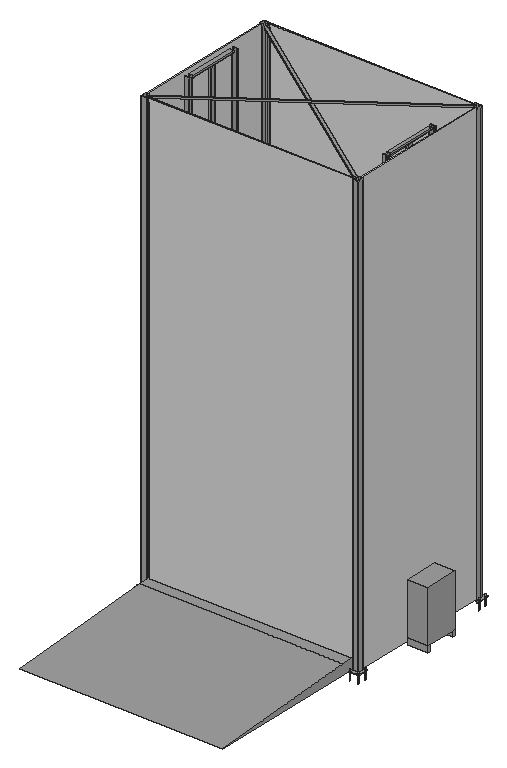
Revit family "1SE_Trez_TC_2C_T_1500_With_Ramp", category Specialty Equipment, Revit 2019
Family settings
  Round Connector Dimension = Use Diameter
  Part Type = Normal
  Work Plane-Based = No
  Always vertical = Yes
  Cut with Voids When Loaded = Yes
  Shared = No
  Room Calculation Point = No
Parameters (values of type "Platform-2900x2480mm with Door Height 2500mm")
  Safe Working Load = 1500.00 kg  # constant formula
  Safe Space = if(Cabin or Platform = Cabin, 900.0 mm, if(and(Cabin or Platform = Platform, Door Clear Height > 1900.0 mm), 600.0 mm, 0.0 mm))  # 600.0 mm
  Ramp Width = Tower Width - 250.0 mm  # 3500.0 mm
  Ramp Material = TREZ_Steel_Platform
  Platform = Speciality_Equipment_Trez_Platform : Platform
  Door Clear Width = Clear Width  # 2900.0 mm
  Door Clear Height = 2500.0 mm
  Clear Width = 2900.0 mm
  URL = "https://trez.bg/en/products/goods-only-lift-tc/tc-2ct-two-cylinders-and-tower/"
  Tower Width = Real Width + 2 * Clearance  # 3750.0 mm
  Tower Depth = Real Depth + 180.0 mm  # 2660.0 mm
  Tower Cladding Material = TREZ_Steel_Cladding
  Real Width = if(Clear Width < 1300.0 mm, 1300.0 mm, if(Clear Width > 2900.0 mm, 2900.0 mm, Clear Width))  # 2900.0 mm
  Real Depth = if(Clear Depth < 1300.0 mm, 1300.0 mm, if(Clear Depth > 2480.0 mm, 2480.0 mm, Clear Depth))  # 2480.0 mm
  Profiles Material = TREZ_Steel_Profiles
  Platform Material = TREZ_Steel_Platform
  Ramp Height = 180.0 mm  # constant formula
  Travel = 4500.0 mm
  Rail Height = Travel + Headroom  # 7600.0 mm
  Model = "TC 2C T 1500"
  Manufacturer = "TREZ Ltd."
  Headroom = Door Clear Height + Safe Space  # 3100.0 mm
  Description = "Trez Compact 2 Cylinders Tower. Goods only lift."  # constant formula
  Clear Depth = 2480.0 mm
  Created By URL = "https://all1studio.com/"
  Created By = "All 1 Studio Ltd."
  Clearance = 425.0 mm  # constant formula
  Cabin or Platform Back = yes
  Cabin or Platform = Speciality_Equipment_Trez_Platform : Platform
  Cabin = Speciality_Equipment_Trez_Cabin : Cabin
Reference planes
  plane 1 "Center (Front/Back)": y = 0
  plane 2: z = 0
  plane 3 "Center (Left/Right)": x = 0
  plane 4: x = -1450
  plane 5: x = 1450
  plane 6: y = 1240
  plane 7: y = -1240
  plane 8: x = 1875
  plane 9: y = 1350
  plane 10: x = -1875
  plane 11: y = -1310
  plane 12: x = 1820
  plane 13: x = -1820
  plane 14: y = 1295
  plane 15: y = -1255
  plane 16: z = 4500
  plane 17 "Top of Lift": z = 7600
  plane 18: x = -1828.5
  plane 19: x = 1828.5
  plane 20: x = 2085
  plane 21: x = -1859.032
  plane 22: x = -1841.032
  plane 23: y = 1334
  plane 24: y = 1316
  plane 25: x = 1859
  plane 26: x = 1841
  plane 27: y = -1294
  plane 28: y = -1276
  plane 29: x = -1935
  plane 30: y = 1410
  plane 31: x = 1935
  plane 32: y = -1370
  plane 33: x = -1688.5
  plane 34: x = 1688.5
  plane 35: z = 7540
  plane 36: z = 40
  plane 37: z = -145
  plane 38 "Ramp": z = 180
Forms (mm)
  Extrusion 1, solid, material "TREZ_Steel_Cladding" <- "Tower Cladding Material", detail levels coarse+medium
    sketch origin (0, 0, 0) x (1, 0, 0) y (0, 1, 0)
      loop
        line (-1875, 1350) -> (-1875, 1245) -> (-1859.032, 1245) -> (-1859.032, -1205) -> (-1875, -1205) -> (-1875, -1310) -> (-1770, -1310) -> (-1770, -1294) -> (1770, -1294) -> (1770, -1310) -> (1875, -1310) -> (1875, -1205) -> (1859, -1205) -> (1859, 1245) -> (1875, 1245) -> (1875, 1350) -> (1770, 1350) -> (1770, 1334) -> (-1770, 1334) -> (-1770, 1350) -> (-1875, 1350)
      loop
        line (-1820, 1295) -> (-1820, 1245) -> (-1841.032, 1245) -> (-1841.032, -1205) -> (-1820, -1205) -> (-1820, -1255) -> (-1770, -1255) -> (-1770, -1276) -> (1770, -1276) -> (1770, -1255) -> (1820, -1255) -> (1820, -1205) -> (1841, -1205) -> (1841, 1245) -> (1820, 1245) -> (1820, 1295) -> (1770, 1295) -> (1770, 1316) -> (-1770, 1316) -> (-1770, 1295) -> (-1820, 1295)
    from 0 to 7600
  Extrusion 2, solid, material "TREZ_Steel_Profiles" <- "Profiles Material", detail levels fine
    sketch origin (0, 0, 0) x (1, 0, 0) y (0, 1, 0)
      loop
        line (-1875, 1343) -> (-1875, 1252)
        arc (-1875, 1252) -> (-1872.95, 1247.05) -> (-1868, 1245) r 7
        line (-1868, 1245) -> (-1827, 1245)
        arc (-1827, 1245) -> (-1822.05, 1247.05) -> (-1820, 1252) r 7
        line (-1820, 1252) -> (-1820, 1288)
        arc (-1820, 1288) -> (-1817.95, 1292.95) -> (-1813, 1295) r 7
        line (-1813, 1295) -> (-1777, 1295)
        arc (-1777, 1295) -> (-1772.05, 1297.05) -> (-1770, 1302) r 7
        line (-1770, 1302) -> (-1770, 1343)
        arc (-1770, 1343) -> (-1772.05, 1347.95) -> (-1777, 1350) r 7
        line (-1777, 1350) -> (-1868, 1350)
        arc (-1868, 1350) -> (-1872.95, 1347.95) -> (-1875, 1343) r 7
      loop
        line (1868, 1350) -> (1777, 1350)
        arc (1777, 1350) -> (1772.05, 1347.95) -> (1770, 1343) r 7
        line (1770, 1343) -> (1770, 1302)
        arc (1770, 1302) -> (1772.05, 1297.05) -> (1777, 1295) r 7
        line (1777, 1295) -> (1813, 1295)
        arc (1813, 1295) -> (1817.95, 1292.95) -> (1820, 1288) r 7
        line (1820, 1288) -> (1820, 1252)
        arc (1820, 1252) -> (1822.05, 1247.05) -> (1827, 1245) r 7
        line (1827, 1245) -> (1868, 1245)
        arc (1868, 1245) -> (1872.95, 1247.05) -> (1875, 1252) r 7
        line (1875, 1252) -> (1875, 1343)
        arc (1875, 1343) -> (1872.95, 1347.95) -> (1868, 1350) r 7
      loop
        arc (-1875, -1303) -> (-1872.95, -1307.95) -> (-1868, -1310) r 7
        line (-1868, -1310) -> (-1777, -1310)
        arc (-1777, -1310) -> (-1772.05, -1307.95) -> (-1770, -1303) r 7
        line (-1770, -1303) -> (-1770, -1262)
        arc (-1770, -1262) -> (-1772.05, -1257.05) -> (-1777, -1255) r 7
        line (-1777, -1255) -> (-1813, -1255)
        arc (-1813, -1255) -> (-1817.95, -1252.95) -> (-1820, -1248) r 7
        line (-1820, -1248) -> (-1820, -1212)
        arc (-1820, -1212) -> (-1822.05, -1207.05) -> (-1827, -1205) r 7
        line (-1827, -1205) -> (-1868, -1205)
        arc (-1868, -1205) -> (-1872.95, -1207.05) -> (-1875, -1212) r 7
        line (-1875, -1212) -> (-1875, -1303)
      loop
        arc (1868, -1310) -> (1872.95, -1307.95) -> (1875, -1303) r 7
        line (1875, -1303) -> (1875, -1212)
        arc (1875, -1212) -> (1872.95, -1207.05) -> (1868, -1205) r 7
        line (1868, -1205) -> (1827, -1205)
        arc (1827, -1205) -> (1822.05, -1207.05) -> (1820, -1212) r 7
        line (1820, -1212) -> (1820, -1248)
        arc (1820, -1248) -> (1817.95, -1252.95) -> (1813, -1255) r 7
        line (1813, -1255) -> (1777, -1255)
        arc (1777, -1255) -> (1772.05, -1257.05) -> (1770, -1262) r 7
        line (1770, -1262) -> (1770, -1303)
        arc (1770, -1303) -> (1772.05, -1307.95) -> (1777, -1310) r 7
        line (1777, -1310) -> (1868, -1310)
      loop
        arc (-1773, 1343) -> (-1774.172, 1345.828) -> (-1777, 1347) r 4
        line (-1777, 1347) -> (-1868, 1347)
        arc (-1868, 1347) -> (-1870.828, 1345.828) -> (-1872, 1343) r 4
        line (-1872, 1343) -> (-1872, 1252)
        arc (-1872, 1252) -> (-1870.828, 1249.172) -> (-1868, 1248) r 4
        line (-1868, 1248) -> (-1827, 1248)
        arc (-1827, 1248) -> (-1824.172, 1249.172) -> (-1823, 1252) r 4
        line (-1823, 1252) -> (-1823, 1288)
        arc (-1823, 1288) -> (-1820.071, 1295.071) -> (-1813, 1298) r 10
        line (-1813, 1298) -> (-1777, 1298)
        arc (-1777, 1298) -> (-1774.172, 1299.172) -> (-1773, 1302) r 4
        line (-1773, 1302) -> (-1773, 1343)
      loop
        line (-1773, -1303) -> (-1773, -1262)
        arc (-1773, -1262) -> (-1774.172, -1259.172) -> (-1777, -1258) r 4
        line (-1777, -1258) -> (-1813, -1258)
        arc (-1813, -1258) -> (-1820.071, -1255.071) -> (-1823, -1248) r 10
        line (-1823, -1248) -> (-1823, -1212)
        arc (-1823, -1212) -> (-1824.172, -1209.172) -> (-1827, -1208) r 4
        line (-1827, -1208) -> (-1868, -1208)
        arc (-1868, -1208) -> (-1870.828, -1209.172) -> (-1872, -1212) r 4
        line (-1872, -1212) -> (-1872, -1303)
        arc (-1872, -1303) -> (-1870.828, -1305.828) -> (-1868, -1307) r 4
        line (-1868, -1307) -> (-1777, -1307)
        arc (-1777, -1307) -> (-1774.172, -1305.828) -> (-1773, -1303) r 4
      loop
        line (1872, -1303) -> (1872, -1212)
        arc (1872, -1212) -> (1870.828, -1209.172) -> (1868, -1208) r 4
        line (1868, -1208) -> (1827, -1208)
        arc (1827, -1208) -> (1824.172, -1209.172) -> (1823, -1212) r 4
        line (1823, -1212) -> (1823, -1248)
        arc (1823, -1248) -> (1820.071, -1255.071) -> (1813, -1258) r 10
        line (1813, -1258) -> (1777, -1258)
        arc (1777, -1258) -> (1774.172, -1259.172) -> (1773, -1262) r 4
        line (1773, -1262) -> (1773, -1303)
        arc (1773, -1303) -> (1774.172, -1305.828) -> (1777, -1307) r 4
        line (1777, -1307) -> (1868, -1307)
        arc (1868, -1307) -> (1870.828, -1305.828) -> (1872, -1303) r 4
      loop
        arc (1872, 1343) -> (1870.828, 1345.828) -> (1868, 1347) r 4
        line (1868, 1347) -> (1777, 1347)
        arc (1777, 1347) -> (1774.172, 1345.828) -> (1773, 1343) r 4
        line (1773, 1343) -> (1773, 1302)
        arc (1773, 1302) -> (1774.172, 1299.172) -> (1777, 1298) r 4
        line (1777, 1298) -> (1813, 1298)
        arc (1813, 1298) -> (1820.071, 1295.071) -> (1823, 1288) r 10
        line (1823, 1288) -> (1823, 1252)
        arc (1823, 1252) -> (1824.172, 1249.172) -> (1827, 1248) r 4
        line (1827, 1248) -> (1868, 1248)
        arc (1868, 1248) -> (1870.828, 1249.172) -> (1872, 1252) r 4
        line (1872, 1252) -> (1872, 1343)
    from 5 to 7600
  Extrusion 3, solid, material "TREZ_Steel_Cladding" <- "Tower Cladding Material", detail levels fine
    sketch origin (0, 0, 0) x (1, 0, 0) y (0, 1, 0)
      loop
        line (1859, 1245) -> (1841, 1245) -> (1841, -1205) -> (1859, -1205) -> (1859, 1245)
      loop
        line (1770, 1334) -> (-1770, 1334) -> (-1770, 1316) -> (1770, 1316) -> (1770, 1334)
      loop
        line (1770, -1276) -> (-1770, -1276) -> (-1770, -1294) -> (1770, -1294) -> (1770, -1276)
      loop
        line (-1841.032, -1205) -> (-1841.032, 1245) -> (-1859.032, 1245) -> (-1859.032, -1205) -> (-1841.032, -1205)
    from 0 to 7600
  Extrusion 4, solid, material "TREZ_Steel_Profiles" <- "Profiles Material", detail levels fine
    sketch origin (0, 0, 0) x (1, 0, 0) y (0, 1, 0)
      loop
        arc (1757, 1410) -> (1752.05, 1407.95) -> (1750, 1403) r 7
        line (1750, 1403) -> (1750, 1350) -> (1770, 1350) -> (1770, 1295) -> (1820, 1295) -> (1820, 1245) -> (1875, 1245) -> (1875, 1225) -> (1928, 1225)
        arc (1928, 1225) -> (1932.95, 1227.05) -> (1935, 1232) r 7
        line (1935, 1232) -> (1935, 1403)
        arc (1935, 1403) -> (1932.95, 1407.95) -> (1928, 1410) r 7
        line (1928, 1410) -> (1757, 1410)
      loop
        line (-1757, 1410) -> (-1928, 1410)
        arc (-1928, 1410) -> (-1932.95, 1407.95) -> (-1935, 1403) r 7
        line (-1935, 1403) -> (-1935, 1232)
        arc (-1935, 1232) -> (-1932.95, 1227.05) -> (-1928, 1225) r 7
        line (-1928, 1225) -> (-1875, 1225) -> (-1875, 1245) -> (-1820, 1245) -> (-1820, 1295) -> (-1770, 1295) -> (-1770, 1350) -> (-1750, 1350) -> (-1750, 1403)
        arc (-1750, 1403) -> (-1752.05, 1407.95) -> (-1757, 1410) r 7
      loop
        line (1757, -1370) -> (1928, -1370)
        arc (1928, -1370) -> (1932.95, -1367.95) -> (1935, -1363) r 7
        line (1935, -1363) -> (1935, -1192)
        arc (1935, -1192) -> (1932.95, -1187.05) -> (1928, -1185) r 7
        line (1928, -1185) -> (1875, -1185) -> (1875, -1205) -> (1820, -1205) -> (1820, -1255) -> (1770, -1255) -> (1770, -1310) -> (1750, -1310) -> (1750, -1363)
        arc (1750, -1363) -> (1752.05, -1367.95) -> (1757, -1370) r 7
      loop
        arc (-1757, -1370) -> (-1752.05, -1367.95) -> (-1750, -1363) r 7
        line (-1750, -1363) -> (-1750, -1310) -> (-1770, -1310) -> (-1770, -1255) -> (-1820, -1255) -> (-1820, -1205) -> (-1875, -1205) -> (-1875, -1185) -> (-1928, -1185)
        arc (-1928, -1185) -> (-1932.95, -1187.05) -> (-1935, -1192) r 7
        line (-1935, -1192) -> (-1935, -1363)
        arc (-1935, -1363) -> (-1932.95, -1367.95) -> (-1928, -1370) r 7
        line (-1928, -1370) -> (-1757, -1370)
    from 5 to 0
  Sweep 5, solid, material "TREZ_Steel_Profiles" <- "Profiles Material", detail levels fine
    path origin (0, 0, 7600) x (-1, 0, 0) y (0, -1, 0)
      loop
        line (1820, 1255) -> (-1820, -1295)
    profile origin (0, 20, 7600) x (-0.573764, 0.81902, 0) y (0, 0, 1)
      loop
        line (15, 0) -> (-15, 0) -> (-15, -30) -> (15, -30) -> (15, 0)
  Sweep 6, solid, material "TREZ_Steel_Profiles" <- "Profiles Material", detail levels fine
    path origin (0, 0, 7600) x (-1, 0, 0) y (0, -1, 0)
      loop
        line (1820, -1295) -> (-1820, 1255)
    profile origin (0, 20, 7600) x (0.573764, 0.81902, 0) y (0, 0, 1)
      loop
        line (-15, -60) -> (15, -60) -> (15, -30) -> (-15, -30) -> (-15, -60)
  Extrusion 7, void
    sketch origin (0, 0, 7600) x (-1, 0, 0) y (0, -1, 0)
      loop
        arc (1827, -1245) -> (1822.05, -1247.05) -> (1820, -1252) r 7
        line (1820, -1252) -> (1820, -1288)
        arc (1820, -1288) -> (1817.95, -1292.95) -> (1813, -1295) r 7
        line (1813, -1295) -> (1777, -1295)
        arc (1777, -1295) -> (1772.05, -1297.05) -> (1770, -1302) r 7
        line (1770, -1302) -> (1770, -1343)
        arc (1770, -1343) -> (1772.05, -1347.95) -> (1777, -1350) r 7
        line (1777, -1350) -> (1868, -1350)
        arc (1868, -1350) -> (1872.95, -1347.95) -> (1875, -1343) r 7
        line (1875, -1343) -> (1875, -1252)
        arc (1875, -1252) -> (1872.95, -1247.05) -> (1868, -1245) r 7
        line (1868, -1245) -> (1827, -1245)
      loop
        arc (-1770, -1302) -> (-1772.05, -1297.05) -> (-1777, -1295) r 7
        line (-1777, -1295) -> (-1813, -1295)
        arc (-1813, -1295) -> (-1817.95, -1292.95) -> (-1820, -1288) r 7
        line (-1820, -1288) -> (-1820, -1252)
        arc (-1820, -1252) -> (-1822.05, -1247.05) -> (-1827, -1245) r 7
        line (-1827, -1245) -> (-1868, -1245)
        arc (-1868, -1245) -> (-1872.95, -1247.05) -> (-1875, -1252) r 7
        line (-1875, -1252) -> (-1875, -1343)
        arc (-1875, -1343) -> (-1872.95, -1347.95) -> (-1868, -1350) r 7
        line (-1868, -1350) -> (-1777, -1350)
        arc (-1777, -1350) -> (-1772.05, -1347.95) -> (-1770, -1343) r 7
        line (-1770, -1343) -> (-1770, -1302)
      loop
        arc (-1827, 1205) -> (-1822.05, 1207.05) -> (-1820, 1212) r 7
        line (-1820, 1212) -> (-1820, 1248)
        arc (-1820, 1248) -> (-1817.95, 1252.95) -> (-1813, 1255) r 7
        line (-1813, 1255) -> (-1777, 1255)
        arc (-1777, 1255) -> (-1772.05, 1257.05) -> (-1770, 1262) r 7
        line (-1770, 1262) -> (-1770, 1303)
        arc (-1770, 1303) -> (-1772.05, 1307.95) -> (-1777, 1310) r 7
        line (-1777, 1310) -> (-1868, 1310)
        arc (-1868, 1310) -> (-1872.95, 1307.95) -> (-1875, 1303) r 7
        line (-1875, 1303) -> (-1875, 1212)
        arc (-1875, 1212) -> (-1872.95, 1207.05) -> (-1868, 1205) r 7
        line (-1868, 1205) -> (-1827, 1205)
      loop
        arc (1820, 1212) -> (1822.05, 1207.05) -> (1827, 1205) r 7
        line (1827, 1205) -> (1868, 1205)
        arc (1868, 1205) -> (1872.95, 1207.05) -> (1875, 1212) r 7
        line (1875, 1212) -> (1875, 1303)
        arc (1875, 1303) -> (1872.95, 1307.95) -> (1868, 1310) r 7
        line (1868, 1310) -> (1777, 1310)
        arc (1777, 1310) -> (1772.05, 1307.95) -> (1770, 1303) r 7
        line (1770, 1303) -> (1770, 1262)
        arc (1770, 1262) -> (1772.05, 1257.05) -> (1777, 1255) r 7
        line (1777, 1255) -> (1813, 1255)
        arc (1813, 1255) -> (1817.95, 1252.95) -> (1820, 1248) r 7
        line (1820, 1248) -> (1820, 1212)
    from -60 to 0
  Extrusion 8, solid, material "TREZ_Steel_Profiles" <- "Profiles Material", detail levels fine
    sketch origin (0, 0, 0) x (1, 0, 0) y (0, 1, 0)
      loop
        circle (-1910.697, 1394.303) r 6
      loop
        circle (-1765.697, 1394.303) r 6
      loop
        circle (-1910.697, 1249.303) r 6
      loop
        circle (1910.697, 1394.303) r 6
      loop
        circle (1765.697, 1394.303) r 6
      loop
        circle (1910.697, 1249.303) r 6
      loop
        circle (-1910.697, -1354.303) r 6
      loop
        circle (-1765.697, -1354.303) r 6
      loop
        circle (-1910.697, -1209.303) r 6
      loop
        circle (1910.697, -1354.303) r 6
      loop
        circle (1765.697, -1354.303) r 6
      loop
        circle (1910.697, -1209.303) r 6
    from -145 to 40
Cuts and joins
  Extrusion 7 cuts Sweep 5
  Extrusion 7 cuts Sweep 6
  joined: Extrusion 4, Extrusion 8
Lines and regions (mm)
  symbolic lines, style "Profiles"
    curve 1: line (-1875, 1350, 0) -> (-1770, 1350, 0)
    curve 2: line (-1770, 1350, 0) -> (-1770, 1295, 0)
    curve 3: line (-1770, 1295, 0) -> (-1820, 1295, 0)
    curve 4: line (-1820, 1295, 0) -> (-1820, 1245, 0)
    curve 5: line (-1820, 1245, 0) -> (-1875, 1245, 0)
    curve 6: line (-1875, 1245, 0) -> (-1875, 1350, 0)
    curve 7: line (1770, 1350, 0) -> (1875, 1350, 0)
    curve 8: line (1875, 1350, 0) -> (1875, 1245, 0)
    curve 9: line (1875, 1245, 0) -> (1820, 1245, 0)
    curve 10: line (1820, 1245, 0) -> (1820, 1295, 0)
    curve 11: line (1820, 1295, 0) -> (1770, 1295, 0)
    curve 12: line (1770, 1295, 0) -> (1770, 1350, 0)
    curve 13: line (-1875, -1205, 0) -> (-1820, -1205, 0)
    curve 14: line (-1820, -1205, 0) -> (-1820, -1255, 0)
    curve 15: line (-1820, -1255, 0) -> (-1770, -1255, 0)
    curve 16: line (-1770, -1255, 0) -> (-1770, -1310, 0)
    curve 17: line (-1770, -1310, 0) -> (-1875, -1310, 0)
    curve 18: line (-1875, -1310, 0) -> (-1875, -1205, 0)
    curve 19: line (1770, -1255, 0) -> (1820, -1255, 0)
    curve 20: line (1820, -1255, 0) -> (1820, -1205, 0)
    curve 21: line (1820, -1205, 0) -> (1875, -1205, 0)
    curve 22: line (1875, -1205, 0) -> (1875, -1310, 0)
    curve 23: line (1875, -1310, 0) -> (1770, -1310, 0)
    curve 24: line (1770, -1255, 0) -> (1770, -1310, 0)
    curve 25: line (1859, 1245, 0) -> (1841, 1245, 0)
    curve 26: line (1859, -1205, 0) -> (1859, 1245, 0)
    curve 27: line (1841, -1205, 0) -> (1859, -1205, 0)
    curve 28: line (1841, 1245, 0) -> (1841, -1205, 0)
    curve 29: line (1770, -1276, 0) -> (-1770, -1276, 0)
    curve 30: line (1770, -1294, 0) -> (1770, -1276, 0)
    curve 31: line (-1770, -1294, 0) -> (1770, -1294, 0)
    curve 32: line (-1770, -1276, 0) -> (-1770, -1294, 0)
    curve 33: line (-1841.032, -1205, 0) -> (-1859.032, -1205, 0)
    curve 34: line (-1841.032, 1245, 0) -> (-1841.032, -1205, 0)
    curve 35: line (-1859.032, 1245, 0) -> (-1841.032, 1245, 0)
    curve 36: line (-1859.032, -1205, 0) -> (-1859.032, 1245, 0)
    curve 37: line (-1770, 1316, 0) -> (1770, 1316, 0)
    curve 38: line (-1770, 1334, 0) -> (-1770, 1316, 0)
    curve 39: line (1770, 1334, 0) -> (-1770, 1334, 0)
    curve 40: line (1770, 1316, 0) -> (1770, 1334, 0)
  symbolic lines, style "Platform"
    curve 41: line (-1450, 1240, 0) -> (1450, 1240, 0)
    curve 42: line (-1450, -1240, 0) -> (-1450, 1240, 0)
    curve 43: line (1450, -1240, 0) -> (-1450, -1240, 0)
    curve 44: line (1450, 1240, 0) -> (1450, -1240, 0)
    curve 45: line (-1450, 1240, 0) -> (1450, -1240, 0)
    curve 46: line (1450, 1240, 0) -> (-1450, -1240, 0)
  model lines, style "Profiles", detail levels coarse+medium
    curve 47: line (-1820, 1295, 7600) -> (1820, -1255, 7600)
    curve 48: line (1820, 1295, 7600) -> (-1820, -1255, 7600)
Dimensions and locks
  equal spacing: plane 4, plane 3 "Center (Left/Right)", plane 5
  "Real Width": plane 4 to plane 5
  equal spacing: plane 7, plane 1 "Center (Front/Back)", plane 6
  "Real Depth": plane 7 to plane 6
  locked: plane 6 to plane 9 at 110
  locked: plane 7 to plane 11 at 70
  locked: plane 12 to plane 8 at 55
  locked: plane 10 to plane 13 at 55
  locked: plane 14 to plane 9 at 55
  locked: plane 15 to plane 11 at 55
  "Travel": plane 16 to level
  "Clearance": plane 5 to plane 8
  "Clearance": plane 10 to plane 4
  locked: plane 8 to plane 20 at 210
  locked: plane 10 to plane 18 at 46.5
  locked: plane 19 to plane 8 at 46.5
  plane 10 to plane 21 to plane 22 = 15.968 mm locked, 18.0 mm locked
  plane 24 to plane 23 to plane 9 = 18.0 mm locked, 16.0 mm locked
  plane 26 to plane 25 to plane 8 = 18.0 mm locked, 16.0 mm locked
  plane 28 to plane 27 to plane 11 = 18.0 mm locked, 16.0 mm locked
  locked: plane 29 to plane 10 at 60
  locked: plane 9 to plane 30 at 60
  locked: plane 8 to plane 31 at 60
  locked: plane 11 to plane 32 at 60
  locked: plane 10 to plane 33 at 186.5
  locked: plane 34 to plane 8 at 186.5
  "Headroom": plane 17 "Top of Lift" to plane 16
  locked: plane 17 "Top of Lift" to plane 35 at 60
  locked: plane 36 to level at 40
  locked: level to plane 37 at 145
  "Ramp Height": plane 38 "Ramp" to level
  aligned and locked: level to plane 2
  aligned and locked: plane 9 to Extrusion 1 sketch curve
  aligned and locked: plane 10 to Extrusion 1 sketch curve
  aligned and locked: plane 11 to Extrusion 1 sketch curve
  aligned and locked: plane 8 to Extrusion 1 sketch curve
  aligned and locked: plane 14 to Extrusion 1 sketch curve
  aligned and locked: plane 13 to Extrusion 1 sketch curve
  aligned and locked: plane 15 to Extrusion 1 sketch curve
  aligned and locked: plane 12 to Extrusion 1 sketch curve
  aligned and locked: plane 17 "Top of Lift" to Extrusion 1
  aligned and locked: plane 1 "Center (Front/Back)" to nested 1
  aligned and locked: plane 3 "Center (Left/Right)" to nested 1
  aligned and locked: nested 2 to plane 20
  aligned and locked: Extrusion 2 sketch curve to plane 10
  aligned and locked: Extrusion 2 sketch curve to plane 9  (x2)
  aligned and locked: Extrusion 2 sketch curve to plane 13
  aligned and locked: Extrusion 2 sketch curve to plane 14  (x2)
  aligned and locked: plane 8 to Extrusion 2 sketch curve
  aligned and locked: plane 17 "Top of Lift" to Extrusion 2
  aligned and locked: Extrusion 3 sketch curve to Extrusion 2  (x6)
  aligned and locked: Extrusion 3 sketch curve to plane 25
  aligned and locked: plane 26 to Extrusion 3 sketch curve
  aligned and locked: Extrusion 3 sketch curve to plane 23
  aligned and locked: plane 24 to Extrusion 3 sketch curve
  aligned and locked: plane 28 to Extrusion 3 sketch curve
  aligned and locked: Extrusion 3 sketch curve to plane 27
  aligned and locked: Extrusion 2 to Extrusion 3 sketch curve  (x2)
  aligned and locked: Extrusion 3 sketch curve to plane 22
  aligned and locked: plane 21 to Extrusion 3 sketch curve
  aligned and locked: plane 17 "Top of Lift" to Extrusion 3
  aligned and locked: plane 33 to nested 3
  aligned and locked: nested 4 to plane 34
  aligned and locked: plane 1 "Center (Front/Back)" to nested 3
  aligned and locked: nested 4 to plane 1 "Center (Front/Back)"
  aligned and locked: plane 14 to Sweep 5 sketch curve
  aligned and locked: plane 12 to Sweep 5 sketch curve
  aligned and locked: plane 13 to Sweep 5 sketch curve
  aligned and locked: plane 15 to Sweep 5 sketch curve
  aligned and locked: plane 12 to Sweep 6 sketch curve
  aligned and locked: plane 15 to Sweep 6 sketch curve
  aligned and locked: plane 14 to Sweep 6 sketch curve
  aligned and locked: plane 13 to Sweep 6 sketch curve
  aligned and locked: plane 35 to Extrusion 7
  aligned and locked: plane 17 "Top of Lift" to Extrusion 7
  aligned and locked: Extrusion 8 to plane 37
  aligned and locked: plane 36 to Extrusion 8
  aligned and locked: plane 16 to nested 1
  aligned and locked: level to nested 4
  aligned and locked: nested 3 to level
  aligned and locked: nested 5 to plane 3 "Center (Left/Right)"
  aligned and locked: plane 27 to nested 5
Automatic sketch dimensions
  Extrusion 1 sketch curve to plane 10 = 0.0 mm
  Extrusion 1 sketch curve to plane 21 = 0.0 mm
  Extrusion 1 sketch curve to plane 22 = 0.0 mm
  Extrusion 1 sketch curve to plane 13 = 0.0 mm
  Extrusion 1 sketch curve to plane 28 = 0.0 mm
  Extrusion 1 sketch curve to plane 15 = 0.0 mm
  Extrusion 1 sketch curve to plane 27 = 0.0 mm
  Extrusion 1 sketch curve to plane 11 = 0.0 mm
  plane 24 to Extrusion 1 sketch curve = 0.0 mm
  plane 23 to Extrusion 1 sketch curve = 0.0 mm
  plane 9 to Extrusion 1 sketch curve = 0.0 mm
  plane 14 to Extrusion 1 sketch curve = 0.0 mm
  Extrusion 1 sketch curve to plane 12 = 0.0 mm
  Extrusion 1 sketch curve to plane 26 = 0.0 mm
  Extrusion 1 sketch curve to plane 25 = 0.0 mm
  Extrusion 1 sketch curve to plane 8 = 0.0 mm
  plane 13 to Extrusion 1 sketch curve = 50.0 mm  (x2)
  Extrusion 1 sketch curve to Extrusion 1 sketch curve = 0.0 mm  (x5)
  plane 12 to Extrusion 1 sketch curve = 50.0 mm  (x2)
  plane 7 to Extrusion 1 sketch curve = 35.0 mm  (x3)
  Extrusion 1 sketch curve to plane 6 = 5.0 mm  (x4)
  Extrusion 2 sketch curve to Extrusion 2 sketch curve = 0.0 mm  (x48)
  Extrusion 2 sketch curve to plane 10 = 0.0 mm
  Extrusion 2 sketch curve to plane 11 = 0.0 mm  (x2)
  Extrusion 2 sketch curve to plane 13 = 0.0 mm
  Extrusion 2 sketch curve to plane 15 = 0.0 mm  (x2)
  Extrusion 2 sketch curve to plane 12 = 0.0 mm  (x2)
  Extrusion 2 sketch curve to plane 8 = 0.0 mm
  Extrusion 2 sketch curve to Extrusion 2 sketch curve = 3.0 mm  (x4)
  Extrusion 2 sketch curve to Extrusion 2 sketch curve = 4.0 mm  (x9)
  plane 10 to Extrusion 2 sketch curve = 7.0 mm
  plane 18 to Extrusion 2 sketch curve = 1.5 mm  (x2)
  plane 13 to Extrusion 2 sketch curve = 7.0 mm  (x2)
  Extrusion 2 sketch curve to plane 15 = 7.0 mm  (x2)
  Extrusion 2 sketch curve to Extrusion 2 sketch curve = 36.0 mm  (x2)
  Extrusion 2 sketch curve to plane 14 = 7.0 mm
  plane 9 to Extrusion 2 sketch curve = 7.0 mm
  plane 12 to Extrusion 2 sketch curve = 50.0 mm  (x2)
  Extrusion 2 sketch curve to Extrusion 2 sketch curve = 7.0 mm
  plane 12 to Extrusion 2 sketch curve = 7.0 mm
  plane 19 to Extrusion 2 sketch curve = 1.5 mm  (x2)
  plane 8 to Extrusion 2 sketch curve = 7.0 mm  (x2)
  Extrusion 2 sketch curve to plane 6 = 5.0 mm  (x2)
  plane 7 to Extrusion 2 sketch curve = 28.0 mm  (x2)
  Extrusion 4 sketch curve to plane 29 = 0.0 mm  (x2)
  plane 30 to Extrusion 4 sketch curve = 0.0 mm  (x2)
  Extrusion 4 sketch curve to plane 32 = 0.0 mm  (x2)
  Extrusion 4 sketch curve to plane 10 = 0.0 mm  (x2)
  Extrusion 4 sketch curve to plane 13 = 0.0 mm  (x2)
  plane 9 to Extrusion 4 sketch curve = 0.0 mm  (x2)
  Extrusion 4 sketch curve to plane 11 = 0.0 mm  (x2)
  Extrusion 4 sketch curve to plane 15 = 0.0 mm  (x2)
  plane 14 to Extrusion 4 sketch curve = 0.0 mm  (x2)
  Extrusion 4 sketch curve to plane 12 = 0.0 mm  (x2)
  Extrusion 4 sketch curve to plane 8 = 0.0 mm  (x2)
  Extrusion 4 sketch curve to plane 31 = 0.0 mm  (x2)
  plane 29 to Extrusion 4 sketch curve = 7.0 mm  (x4)
  plane 13 to Extrusion 4 sketch curve = 50.0 mm  (x2)
  Extrusion 4 sketch curve to Extrusion 4 sketch curve = 13.0 mm  (x2)
  plane 30 to Extrusion 4 sketch curve = 7.0 mm
  Extrusion 4 sketch curve to Extrusion 4 sketch curve = 20.0 mm  (x2)
  Extrusion 4 sketch curve to plane 34 = 61.5 mm  (x2)
  Extrusion 4 sketch curve to Extrusion 4 sketch curve = 7.0 mm  (x3)
  Extrusion 4 sketch curve to Extrusion 4 sketch curve = 50.0 mm
  plane 31 to Extrusion 4 sketch curve = 7.0 mm  (x3)
  plane 7 to Extrusion 4 sketch curve = 35.0 mm  (x2)
  plane 7 to Extrusion 4 sketch curve = 48.0 mm  (x2)
  plane 6 to Extrusion 4 sketch curve = 15.0 mm  (x2)
  Extrusion 4 sketch curve to plane 6 = 5.0 mm  (x2)
  profile plane to Sweep 5 sketch curve = 15.0 mm
  Sweep 5 sketch curve to Sweep 5 sketch curve = 30.0 mm
  Sweep 5 sketch curve to profile plane = 15.0 mm
  plane 17 "Top of Lift" to Sweep 5 sketch curve = 0.0 mm
  profile plane to Sweep 6 sketch curve = 15.0 mm
  Sweep 6 sketch curve to profile plane = 15.0 mm
  Sweep 6 sketch curve to plane 17 "Top of Lift" = 60.0 mm
  Sweep 6 sketch curve to Sweep 6 sketch curve = 30.0 mm
  plane 9 to Extrusion 7 sketch curve = 0.0 mm  (x2)
  plane 14 to Extrusion 7 sketch curve = 0.0 mm  (x2)
  Extrusion 7 sketch curve to plane 13 = 0.0 mm  (x2)
  Extrusion 7 sketch curve to plane 10 = 0.0 mm  (x2)
  Extrusion 7 sketch curve to Extrusion 7 sketch curve = 7.0 mm  (x9)
  plane 13 to Extrusion 7 sketch curve = 43.0 mm
  Extrusion 7 sketch curve to Extrusion 7 sketch curve = 36.0 mm  (x2)
  plane 18 to Extrusion 7 sketch curve = 1.5 mm  (x2)
  plane 10 to Extrusion 7 sketch curve = 7.0 mm
  Extrusion 7 sketch curve to plane 6 = 12.0 mm
  Extrusion 7 sketch curve to plane 8 = 0.0 mm  (x2)
  Extrusion 7 sketch curve to plane 12 = 0.0 mm  (x2)
  Extrusion 7 sketch curve to plane 6 = 5.0 mm
  plane 8 to Extrusion 7 sketch curve = 7.0 mm  (x3)
  plane 19 to Extrusion 7 sketch curve = 1.5 mm  (x2)
  Extrusion 7 sketch curve to plane 14 = 7.0 mm
  Extrusion 7 sketch curve to plane 11 = 0.0 mm  (x2)
  Extrusion 7 sketch curve to plane 15 = 0.0 mm  (x2)
  plane 12 to Extrusion 7 sketch curve = 7.0 mm
  plane 11 to Extrusion 7 sketch curve = 7.0 mm  (x2)
  plane 12 to Extrusion 7 sketch curve = 43.0 mm
  Extrusion 7 sketch curve to plane 15 = 7.0 mm
  plane 7 to Extrusion 7 sketch curve = 35.0 mm  (x2)
  plane 13 to Extrusion 7 sketch curve = 50.0 mm
  plane 13 to Extrusion 7 sketch curve = 7.0 mm
  curve 47 to plane 12 = 0.0 mm
  curve 48 to plane 12 = 0.0 mm
  curve 48 to plane 13 = 0.0 mm
  curve 47 to plane 13 = 0.0 mm
  plane 14 to curve 48 = 0.0 mm
  plane 14 to curve 47 = 0.0 mm
  curve 48 to plane 15 = 0.0 mm
  curve 47 to plane 15 = 0.0 mm
  plane 9 to curve 1 = 0.0 mm
  curve 1 to plane 10 = 0.0 mm
  curve 18 to plane 10 = 0.0 mm
  curve 36 to plane 21 = 0.0 mm
  curve 35 to plane 22 = 0.0 mm
  curve 4 to plane 13 = 0.0 mm
  curve 15 to plane 13 = 0.0 mm
  plane 24 to curve 37 = 0.0 mm
  curve 15 to plane 15 = 0.0 mm
  curve 16 to plane 11 = 0.0 mm
  plane 23 to curve 38 = 0.0 mm
  curve 32 to plane 27 = 0.0 mm
  curve 32 to plane 28 = 0.0 mm
  plane 14 to curve 2 = 0.0 mm
  curve 42 to plane 4 = 0.0 mm
  curve 44 to plane 5 = 0.0 mm
  curve 24 to plane 11 = 0.0 mm
  curve 24 to plane 15 = 0.0 mm
  plane 14 to curve 11 = 0.0 mm
  plane 9 to curve 7 = 0.0 mm
  curve 19 to plane 12 = 0.0 mm
  curve 11 to plane 12 = 0.0 mm
  curve 25 to plane 26 = 0.0 mm
  curve 27 to plane 25 = 0.0 mm
  curve 22 to plane 8 = 0.0 mm
  curve 9 to plane 8 = 0.0 mm
  curve 43 to plane 7 = 0.0 mm
  plane 6 to curve 44 = 0.0 mm
  plane 13 to curve 37 = 50.0 mm
  plane 13 to curve 15 = 50.0 mm
  curve 32 to curve 16 = 0.0 mm
  curve 2 to curve 37 = 0.0 mm
  plane 12 to curve 29 = 50.0 mm
  curve 24 to curve 30 = 0.0 mm
  plane 12 to curve 39 = 50.0 mm
  curve 11 to curve 37 = 0.0 mm
  plane 7 to curve 14 = 35.0 mm
  curve 33 to curve 13 = 0.0 mm
  plane 7 to curve 28 = 35.0 mm
  curve 20 to curve 27 = 0.0 mm
  curve 10 to plane 6 = 5.0 mm
  curve 28 to plane 6 = 5.0 mm
  curve 35 to plane 6 = 5.0 mm
  curve 6 to plane 6 = 5.0 mm
  plane 29 to Extrusion 8 sketch curve = 24.303 mm  (x4)
  Extrusion 8 sketch curve to plane 6 = 9.303 mm  (x2)
  plane 30 to Extrusion 8 sketch curve = 15.697 mm  (x4)
  plane 13 to Extrusion 8 sketch curve = 54.303 mm  (x2)
  plane 32 to Extrusion 8 sketch curve = 15.697 mm  (x4)
  plane 12 to Extrusion 8 sketch curve = 54.303 mm  (x2)
  plane 31 to Extrusion 8 sketch curve = 24.303 mm  (x4)
  plane 7 to Extrusion 8 sketch curve = 30.697 mm  (x2)
  radius of Extrusion 8 sketch curve = 6.0 mm  (x12)
Nested families
  nested 1: "Speciality_Equipment_Trez_Platform" at (0, 0, 4500), type <- "Cabin or Platform", type "Platform"
    with Width 2900.0 mm, Depth 2480.0 mm
  nested 2: "Electrical_Equpment_Trez_Cabinet" at (2085, 0, 0) x (0, 1, 0) z (0, 0, 1), type "Cabinet"
  nested 3: "Generic_Model_Trez_Rails" at (-1688.5, 0, 0), type "Rails"
    with Height 7600.0 mm
  nested 4: "Generic_Model_Trez_Rails" at (1688.5, 0, 0) x (-1, 0, 0) z (0, 0, 1), type "Rails"
    with Height 7600.0 mm
  nested 5: "Generic_Model_Trez_Ramp" at (0, -1394, 0), type "4 Degree Ramp"
    with Ramp Width 3500.0 mm, Ramp Length 2580.406 mm, Ramp Height 180.0 mm
Definition of nested family "Speciality_Equipment_Trez_Platform"
  Parameters (values of type "Speciality_Equipment_Trez_Platform")
    Width = 3600.0 mm
    Platform Material = none
    Depth = 2900.0 mm
    Back Board = yes
  Reference planes
    plane 1 "Center (Front/Back)": y = 0
    plane 2 "Bottom": z = 0
    plane 3 "Center (Left/Right)": x = 0
    plane 4: x = 1800
    plane 5: x = -1800
    plane 6: y = 1450
    plane 7: y = -1450
    plane 8: x = -1889
    plane 9: x = 1889
    plane 10: y = 1485
    plane 11: z = -89
    plane 12: z = 709
  Forms (mm)
    Extrusion 1, solid, material <- "Platform Material", visible <- "Back Board"
      sketch origin (0, 0, 0) x (1, 0, 0) y (0, 1, 0)
        loop
          line (-1889, 1485) -> (-1889, 1450) -> (1889, 1450) -> (1889, 1485) -> (-1889, 1485)
      from 0 to 709
    Extrusion 2, solid, material <- "Platform Material", detail levels coarse+medium
      sketch origin (0, 0, 0) x (1, 0, 0) y (0, 0, 1)
        loop
          line (-1800, 709) -> (-1889, 709) -> (-1889, -89) -> (1889, -89) -> (1889, 709) -> (1800, 709) -> (1800, 0) -> (-1800, 0) -> (-1800, 709)
      from -1450 to 1450
    Extrusion 3, solid, material <- "Platform Material", detail levels fine
      sketch origin (0, 0, 0) x (1, 0, 0) y (0, 0, 1)
        loop
          arc (-1874, 709) -> (-1884.607, 704.607) -> (-1889, 694) r 15
          line (-1889, 694) -> (-1889, -74)
          arc (-1889, -74) -> (-1884.607, -84.607) -> (-1874, -89) r 15
          line (-1874, -89) -> (1874, -89)
          arc (1874, -89) -> (1884.607, -84.607) -> (1889, -74) r 15
          line (1889, -74) -> (1889, 694)
          arc (1889, 694) -> (1884.607, 704.607) -> (1874, 709) r 15
          line (1874, 709) -> (1815, 709)
          arc (1815, 709) -> (1804.393, 704.607) -> (1800, 694) r 15
          line (1800, 694) -> (1800, 15)
          arc (1800, 15) -> (1795.607, 4.393) -> (1785, 0) r 15
          line (1785, 0) -> (-1785, 0)
          arc (-1785, 0) -> (-1795.607, 4.393) -> (-1800, 15) r 15
          line (-1800, 15) -> (-1800, 694)
          arc (-1800, 694) -> (-1804.393, 704.607) -> (-1815, 709) r 15
          line (-1815, 709) -> (-1874, 709)
      from -1450 to 1450
  Dimensions and locks
    equal spacing: plane 5, plane 3 "Center (Left/Right)", plane 4
    "Width": plane 5 to plane 4
    equal spacing: plane 7, plane 1 "Center (Front/Back)", plane 6
    "Depth": plane 6 to plane 7
    locked: plane 8 to plane 5 at 89
    locked: plane 4 to plane 9 at 89
    locked: plane 10 to plane 6 at 35
    locked: plane 2 "Bottom" to plane 11 at 89
    locked: plane 12 to plane 2 "Bottom" at 709
    aligned and locked: level to plane 2 "Bottom"
    aligned and locked: Extrusion 1 sketch curve to plane 10
    aligned and locked: plane 8 to Extrusion 1 sketch curve
    aligned and locked: plane 5 to Extrusion 2 sketch curve
    aligned and locked: plane 8 to Extrusion 2 sketch curve
    aligned and locked: Extrusion 2 sketch curve to plane 9
    aligned and locked: Extrusion 2 sketch curve to plane 4
    aligned and locked: Extrusion 2 sketch curve to plane 2 "Bottom"
    aligned and locked: Extrusion 2 sketch curve to plane 11
    aligned and locked: Extrusion 2 sketch curve to plane 12
    aligned and locked: Extrusion 2 to plane 6
    aligned and locked: Extrusion 2 to plane 7
    aligned and locked: Extrusion 3 sketch curve to plane 12
    aligned and locked: plane 8 to Extrusion 3 sketch curve
    aligned and locked: plane 5 to Extrusion 3 sketch curve
    aligned and locked: Extrusion 3 sketch curve to plane 4
    aligned and locked: Extrusion 3 sketch curve to plane 9
    aligned and locked: Extrusion 3 sketch curve to plane 2 "Bottom"
    aligned and locked: Extrusion 3 sketch curve to plane 11
    aligned and locked: Extrusion 3 to plane 7
    aligned and locked: Extrusion 3 to plane 6
  Automatic sketch dimensions
    plane 12 to Extrusion 2 sketch curve = 0.0 mm
    Extrusion 1 sketch curve to plane 6 = 0.0 mm
    Extrusion 1 sketch curve to plane 9 = 0.0 mm
    Extrusion 3 sketch curve to plane 12 = 0.0 mm
    Extrusion 3 sketch curve to Extrusion 3 sketch curve = 15.0 mm  (x4)
    plane 5 to Extrusion 3 sketch curve = 15.0 mm
    Extrusion 3 sketch curve to plane 4 = 15.0 mm
    plane 4 to Extrusion 3 sketch curve = 15.0 mm
    Extrusion 3 sketch curve to plane 9 = 15.0 mm
Definition of nested family "Electrical_Equpment_Trez_Cabinet"
  Parameters (values of type "Electrical_Equpment_Trez_Cabinet")
    Width = 584.0 mm
    Depth = 348.0 mm
    Cabinet Material = none
  Reference planes
    plane 1 "Center (Front/Back)": y = 0
    plane 2: z = 0
    plane 3 "Center (Left/Right)": x = 0
    plane 4: x = -292
    plane 5: x = 292
    plane 6: y = 174
    plane 7: y = -174
    plane 8: z = 100
    plane 9: z = 1000
    plane 10: x = -257
    plane 11: x = 257
  Forms (mm)
    Extrusion 1, solid, material <- "Cabinet Material", detail levels fine
      sketch origin (0, 0, 0) x (1, 0, 0) y (0, 1, 0)
        loop
          line (-292, 174) -> (-292, -174) -> (292, -174) -> (292, 174) -> (-292, 174)
      from 100 to 1000
    Extrusion 2, solid, material <- "Cabinet Material", detail levels fine
      sketch origin (0, 0, 0) x (1, 0, 0) y (0, 1, 0)
        loop
          line (-257, 174) -> (-292, 174) -> (-292, -174) -> (-257, -174) -> (-257, 174)
        loop
          line (257, 174) -> (257, -174) -> (292, -174) -> (292, 174) -> (257, 174)
      from 0 to 100
    Extrusion 3, solid, detail levels coarse+medium
      sketch origin (0, 0, 0) x (1, 0, 0) y (0, 1, 0)
        loop
          line (-292, 174) -> (-292, -174) -> (292, -174) -> (292, 174) -> (-292, 174)
      from 0 to 1000
  Lines and regions (mm)
    symbolic lines
      curve 1: line (-292, 174, 0) -> (292, 174, 0)
      curve 2: line (-292, -174, 0) -> (-292, 174, 0)
      curve 3: line (292, -174, 0) -> (-292, -174, 0)
      curve 4: line (292, 174, 0) -> (292, -174, 0)
  Dimensions and locks
    equal spacing: plane 4, plane 3 "Center (Left/Right)", plane 5
    "Width": plane 4 to plane 5
    equal spacing: plane 7, plane 1 "Center (Front/Back)", plane 6
    "Depth": plane 7 to plane 6
    plane 9 to plane 8 to plane 2 = 900.0 mm locked, 100.0 mm locked
    aligned and locked: level to plane 2
    aligned and locked: plane 6 to Extrusion 1 sketch curve
    aligned and locked: plane 4 to Extrusion 1 sketch curve
    aligned and locked: plane 7 to Extrusion 1 sketch curve
    aligned and locked: plane 5 to Extrusion 1 sketch curve
    aligned and locked: plane 9 to Extrusion 1
    aligned and locked: Extrusion 1 to plane 8
    aligned and locked: Extrusion 2 sketch curve to plane 6
    aligned and locked: plane 10 to Extrusion 2 sketch curve
    aligned and locked: Extrusion 2 sketch curve to Extrusion 1  (x4)
    aligned and locked: plane 6 to Extrusion 2 sketch curve
    aligned and locked: Extrusion 2 sketch curve to plane 11
    aligned and locked: plane 8 to Extrusion 2
    aligned and locked: Extrusion 2 to level
    aligned and locked: Extrusion 3 sketch curve to Extrusion 1  (x4)
    aligned and locked: Extrusion 3 to plane 2
    aligned and locked: plane 9 to Extrusion 3
    aligned and locked: curve 1 to Extrusion 1
    aligned and locked: curve 2 to Extrusion 1
    aligned and locked: curve 3 to Extrusion 1
    aligned and locked: curve 4 to Extrusion 1
Definition of nested family "Generic_Model_Trez_Rails"
  Parameters (values of type "Generic_Model_Trez_Rails")
    Profiles Material = none
    Height = 7100.0 mm
  Reference planes
    plane 1 "Center (Front/Back)": y = 0
    plane 2: z = 0
    plane 3 "Center (Left/Right)": x = 0
    plane 4: x = 87.2
    plane 5: x = -87.2
    plane 6: y = 607.5
    plane 7: y = -607.5
    plane 8: z = 7100
    plane 9: z = 15
    plane 10: z = 7065
    plane 11: z = -95
  Forms (mm)
    Extrusion 1, solid, material <- "Profiles Material", detail levels fine
      sketch origin (0, 0, 0) x (1, 0, 0) y (0, 1, 0)
        loop
          line (77.2, 607.5) -> (-77.2, 607.5)
          arc (-77.2, 607.5) -> (-84.271, 604.571) -> (-87.2, 597.5) r 10
          line (-87.2, 597.5) -> (-87.2, -597.5)
          arc (-87.2, -597.5) -> (-84.271, -604.571) -> (-77.2, -607.5) r 10
          line (-77.2, -607.5) -> (77.2, -607.5)
          arc (77.2, -607.5) -> (84.271, -604.571) -> (87.2, -597.5) r 10
          line (87.2, -597.5) -> (87.2, 597.5)
          arc (87.2, 597.5) -> (84.271, 604.571) -> (77.2, 607.5) r 10
      from 0 to 15
    Extrusion 2, solid, material <- "Profiles Material", detail levels fine
      sketch origin (0, 0, 0) x (1, 0, 0) y (0, 1, 0)
        loop
          line (-61.5, -517.5) -> (28.5, -517.5) -> (28.5, -509.5) -> (-3.5, -509.5)
          arc (-3.5, -509.5) -> (-7.036, -508.036) -> (-8.5, -504.5) r 5
          line (-8.5, -504.5) -> (-8.5, -442.5) -> (-24.5, -442.5) -> (-24.5, -504.5)
          arc (-24.5, -504.5) -> (-25.964, -508.036) -> (-29.5, -509.5) r 5
          line (-29.5, -509.5) -> (-61.5, -509.5) -> (-61.5, -517.5)
        loop
          line (-37.94, -40) -> (-1.94, -40)
          arc (-1.94, -40) -> (8.667, -35.607) -> (13.06, -25) r 15
          line (13.06, -25) -> (13.06, 25)
          arc (13.06, 25) -> (8.667, 35.607) -> (-1.94, 40) r 15
          line (-1.94, 40) -> (-37.94, 40) -> (-37.94, -40)
        loop
          line (-61.5, 517.5) -> (-61.5, 509.5) -> (-29.5, 509.5)
          arc (-29.5, 509.5) -> (-25.964, 508.036) -> (-24.5, 504.5) r 5
          line (-24.5, 504.5) -> (-24.5, 442.5) -> (-8.5, 442.5) -> (-8.5, 504.5)
          arc (-8.5, 504.5) -> (-7.036, 508.036) -> (-3.5, 509.5) r 5
          line (-3.5, 509.5) -> (28.5, 509.5) -> (28.5, 517.5) -> (-61.5, 517.5)
      from 15 to 7100
    Extrusion 3, solid, material <- "Profiles Material", detail levels fine
      sketch origin (0, 0, 0) x (1, 0, 0) y (0, 0, 1)
        loop
          line (-51.5, 7100) -> (-51.5, 7070)
          arc (-51.5, 7070) -> (-50.036, 7066.464) -> (-46.5, 7065) r 5
          line (-46.5, 7065) -> (13.5, 7065)
          arc (13.5, 7065) -> (17.036, 7066.464) -> (18.5, 7070) r 5
          line (18.5, 7070) -> (18.5, 7100) -> (-51.5, 7100)
      from -442.5 to 442.5
    Extrusion 4, solid, material <- "Profiles Material", detail levels coarse+medium
      sketch origin (0, 0, 0) x (1, 0, 0) y (0, 1, 0)
        loop
          line (87.2, 607.5) -> (-87.2, 607.5) -> (-87.2, -607.5) -> (87.2, -607.5) -> (87.2, 607.5)
      from 0 to 15
    Extrusion 5, solid, material <- "Profiles Material", detail levels coarse+medium
      sketch origin (0, 0, 0) x (1, 0, 0) y (0, 1, 0)
        loop
          line (-61.5, -517.5) -> (28.5, -517.5) -> (28.5, -442.5) -> (-61.5, -442.5) -> (-61.5, -517.5)
        loop
          line (-37.94, -40) -> (13.06, -40) -> (13.06, 40) -> (-37.94, 40) -> (-37.94, -40)
        loop
          line (-61.5, 517.5) -> (-61.5, 442.5) -> (28.5, 442.5) -> (28.5, 517.5) -> (-61.5, 517.5)
      from 15 to 7100
    Extrusion 6, solid, material <- "Profiles Material", detail levels coarse+medium
      sketch origin (0, 0, 0) x (1, 0, 0) y (0, 0, 1)
        loop
          line (-51.5, 7100) -> (-51.5, 7070)
          arc (-51.5, 7070) -> (-50.036, 7066.464) -> (-46.5, 7065) r 5
          line (-46.5, 7065) -> (13.5, 7065)
          arc (13.5, 7065) -> (17.036, 7066.464) -> (18.5, 7070) r 5
          line (18.5, 7070) -> (18.5, 7100) -> (-51.5, 7100)
      from -442.5 to 442.5
    Extrusion 7, solid, material <- "Profiles Material", detail levels fine
      sketch origin (0, 0, 0) x (1, 0, 0) y (0, 1, 0)
        loop
          circle (46.2, 480) r 7.5
        loop
          circle (-43.8, 480) r 7.5
        loop
          circle (-43.8, 390) r 7.5
        loop
          circle (46.2, -480) r 7.5
        loop
          circle (-43.8, -480) r 7.5
        loop
          circle (-43.8, -390) r 7.5
        loop
          circle (-43.8, -130) r 7.5
        loop
          circle (-43.8, 130) r 7.5
        loop
          circle (46.2, 0.052) r 7.5
      from -95 to 0
  Cuts and joins
    joined: Extrusion 2, Extrusion 3
    joined: Extrusion 5, Extrusion 6
  Lines and regions (mm)
    symbolic lines
      curve 1: line (28.5, 442.5, 0) -> (-61.5, 442.5, 0)
      curve 2: line (28.5, 517.5, 0) -> (28.5, 442.5, 0)
      curve 3: line (-61.5, 517.5, 0) -> (28.5, 517.5, 0)
      curve 4: line (-61.5, 442.5, 0) -> (-61.5, 517.5, 0)
      curve 5: line (13.06, 40, 0) -> (-37.94, 40, 0)
      curve 6: line (13.06, -40, 0) -> (13.06, 40, 0)
      curve 7: line (-37.94, -40, 0) -> (13.06, -40, 0)
      curve 8: line (-37.94, 40, 0) -> (-37.94, -40, 0)
      curve 9: line (28.5, -442.5, 0) -> (-61.5, -442.5, 0)
      curve 10: line (28.5, -517.5, 0) -> (28.5, -442.5, 0)
      curve 11: line (-61.5, -517.5, 0) -> (28.5, -517.5, 0)
      curve 12: line (-61.5, -442.5, 0) -> (-61.5, -517.5, 0)
      curve 13: line (87.2, -607.5, 0) -> (-87.2, -607.5, 0)
      curve 14: line (87.2, 607.5, 0) -> (87.2, -607.5, 0)
      curve 15: line (-87.2, 607.5, 0) -> (87.2, 607.5, 0)
      curve 16: line (-87.2, -607.5, 0) -> (-87.2, 607.5, 0)
  Dimensions and locks
    equal spacing: plane 5, plane 3 "Center (Left/Right)", plane 4
    plane 5 to plane 4 = 174.4 mm
    equal spacing: plane 6, plane 1 "Center (Front/Back)", plane 7
    plane 7 to plane 6 = 1215.0 mm
    "Height": plane 8 to plane 2
    locked: plane 9 to plane 2 at 15
    locked: plane 8 to Extrusion 3 sketch curve at 35
    locked: plane 8 to plane 10 at 35
    locked: plane 2 to plane 11 at 95
    aligned and locked: level to plane 2
    aligned and locked: Extrusion 1 sketch curve to plane 6
    aligned and locked: plane 4 to Extrusion 1 sketch curve
    aligned and locked: Extrusion 1 sketch curve to plane 7
    aligned and locked: plane 5 to Extrusion 1 sketch curve
    aligned and locked: plane 8 to Extrusion 2
    aligned and locked: Extrusion 1 to plane 9
    aligned and locked: plane 9 to Extrusion 2
    aligned and locked: Extrusion 4 sketch curve to plane 6
    aligned and locked: plane 4 to Extrusion 4 sketch curve
    aligned and locked: Extrusion 4 sketch curve to plane 7
    aligned and locked: plane 5 to Extrusion 4 sketch curve
    aligned and locked: Extrusion 4 to plane 9
    aligned and locked: Extrusion 4 to plane 2
    aligned and locked: plane 8 to Extrusion 5
    aligned and locked: plane 8 to Extrusion 3 sketch curve
    aligned and locked: Extrusion 3 to Extrusion 5  (x2)
    aligned and locked: Extrusion 7 to plane 11
    aligned and locked: plane 2 to Extrusion 7
  Automatic sketch dimensions
    Extrusion 2 sketch curve to plane 5 = 25.7 mm  (x2)
    Extrusion 2 sketch curve to plane 3 "Center (Left/Right)" = 29.5 mm  (x2)
    Extrusion 2 sketch curve to Extrusion 2 sketch curve = 5.0 mm
    Extrusion 2 sketch curve to plane 3 "Center (Left/Right)" = 24.5 mm
    Extrusion 2 sketch curve to plane 3 "Center (Left/Right)" = 8.5 mm  (x2)
    Extrusion 2 sketch curve to plane 3 "Center (Left/Right)" = 3.5 mm  (x2)
    Extrusion 2 sketch curve to plane 3 "Center (Left/Right)" = 1.94 mm  (x2)
    Extrusion 2 sketch curve to Extrusion 2 sketch curve = 15.0 mm
    plane 3 "Center (Left/Right)" to Extrusion 2 sketch curve = 28.5 mm  (x2)
    plane 7 to Extrusion 2 sketch curve = 90.0 mm
    Extrusion 2 sketch curve to Extrusion 2 sketch curve = 8.0 mm  (x3)
    Extrusion 2 sketch curve to Extrusion 2 sketch curve = 62.0 mm  (x2)
    Extrusion 2 sketch curve to plane 1 "Center (Front/Back)" = 25.0 mm
    plane 6 to Extrusion 2 sketch curve = 165.0 mm
    Extrusion 2 sketch curve to Extrusion 2 sketch curve = 0.0 mm
    Extrusion 2 sketch curve to plane 3 "Center (Left/Right)" = 37.94 mm
    plane 1 "Center (Front/Back)" to Extrusion 2 sketch curve = 40.0 mm
    Extrusion 3 sketch curve to Extrusion 3 sketch curve = 5.0 mm  (x2)
    plane 3 "Center (Left/Right)" to Extrusion 3 sketch curve = 13.5 mm
    Extrusion 3 sketch curve to plane 5 = 40.7 mm
    Extrusion 1 sketch curve to plane 5 = 10.0 mm
    Extrusion 1 sketch curve to Extrusion 1 sketch curve = 10.0 mm
    Extrusion 1 sketch curve to plane 4 = 10.0 mm  (x2)
    Extrusion 5 sketch curve to plane 5 = 25.7 mm  (x2)
    Extrusion 5 sketch curve to plane 3 "Center (Left/Right)" = 37.94 mm
    plane 3 "Center (Left/Right)" to Extrusion 5 sketch curve = 28.5 mm  (x2)
    plane 3 "Center (Left/Right)" to Extrusion 5 sketch curve = 13.06 mm
    plane 7 to Extrusion 5 sketch curve = 90.0 mm
    plane 1 "Center (Front/Back)" to Extrusion 5 sketch curve = 40.0 mm
    plane 6 to Extrusion 5 sketch curve = 165.0 mm
    Extrusion 5 sketch curve to Extrusion 5 sketch curve = 75.0 mm  (x2)
    Extrusion 5 sketch curve to plane 1 "Center (Front/Back)" = 40.0 mm
    Extrusion 6 sketch curve to plane 8 = 0.0 mm
    Extrusion 6 sketch curve to plane 10 = 0.0 mm
    plane 10 to Extrusion 6 sketch curve = 5.0 mm  (x2)
    Extrusion 6 sketch curve to plane 5 = 35.7 mm
    plane 3 "Center (Left/Right)" to Extrusion 6 sketch curve = 13.5 mm
    curve 16 to plane 5 = 0.0 mm
    curve 15 to plane 4 = 0.0 mm
    curve 13 to plane 7 = 0.0 mm
    plane 6 to curve 15 = 0.0 mm
    curve 3 to plane 5 = 25.7 mm
    curve 12 to plane 5 = 25.7 mm
    curve 5 to plane 3 "Center (Left/Right)" = 37.94 mm
    plane 3 "Center (Left/Right)" to curve 5 = 13.06 mm
    plane 3 "Center (Left/Right)" to curve 11 = 28.5 mm
    plane 3 "Center (Left/Right)" to curve 2 = 28.5 mm
    plane 7 to curve 11 = 90.0 mm
    curve 10 to curve 10 = 75.0 mm
    plane 1 "Center (Front/Back)" to curve 7 = 40.0 mm
    curve 5 to plane 1 "Center (Front/Back)" = 40.0 mm
    plane 6 to curve 2 = 165.0 mm
    curve 1 to curve 3 = 75.0 mm
    Extrusion 7 sketch curve to plane 5 = 43.4 mm  (x6)
    Extrusion 7 sketch curve to plane 4 = 41.0 mm  (x3)
    plane 7 to Extrusion 7 sketch curve = 127.5 mm
    Extrusion 7 sketch curve to Extrusion 7 sketch curve = 0.0 mm  (x2)
    Extrusion 7 sketch curve to Extrusion 7 sketch curve = 90.0 mm  (x2)
    plane 6 to Extrusion 7 sketch curve = 217.5 mm
    Extrusion 7 sketch curve to plane 1 "Center (Front/Back)" = 0.052 mm
    plane 1 "Center (Front/Back)" to Extrusion 7 sketch curve = 130.0 mm
    Extrusion 7 sketch curve to plane 1 "Center (Front/Back)" = 130.0 mm
    radius of Extrusion 7 sketch curve = 7.5 mm  (x9)
Definition of nested family "Generic_Model_Trez_Ramp"
  Parameters (values of type "4 Degree Ramp")
    Ramp Width = 4080.0 mm
    Ramp Material = none
    Ramp Length = Ramp Height / sin(Ramp Angle)  # 1720.27 mm
    Ramp Height = 120.0 mm
    Ramp Angle = 4.00°
  Reference planes
    plane 1 "End Of Slope": y = -100
    plane 2: z = 0
    plane 3 "Center (Left/Right)": x = 0
    plane 4: x = -2040
    plane 5: x = 2040
    plane 6 "Back": y = 100
    plane 7 "Front": y = -1820.27
    plane 8: z = 120
  Forms (mm)
    Extrusion 1, solid, material <- "Ramp Material"
      sketch origin (0, 0, 0) x (0, 1, 0) y (0, 0, 1)
        loop
          line (100, 120) -> (-100, 120) -> (-1820.27, 0) -> (100, 0) -> (100, 120)
      from -2040 to 2040
  Dimensions and locks
    equal spacing: plane 4, plane 3 "Center (Left/Right)", plane 5
    "Ramp Width": plane 4 to plane 5
    locked: plane 1 "End Of Slope" to plane 6 "Back" at 200
    "Ramp Length": plane 7 "Front" to plane 1 "End Of Slope"
    "Ramp Height": plane 8 to plane 2
    aligned and locked: level to plane 2
    aligned and locked: Extrusion 1 to plane 5
    aligned and locked: Extrusion 1 to plane 4
  Automatic sketch dimensions
    Extrusion 1 sketch curve to plane 7 "Front" = 0.0 mm
    Extrusion 1 sketch curve to plane 1 "End Of Slope" = 0.0 mm
    Extrusion 1 sketch curve to level = 0.0 mm
    Extrusion 1 sketch curve to plane 6 "Back" = 0.0 mm
    Extrusion 1 sketch curve to plane 8 = 0.0 mm
